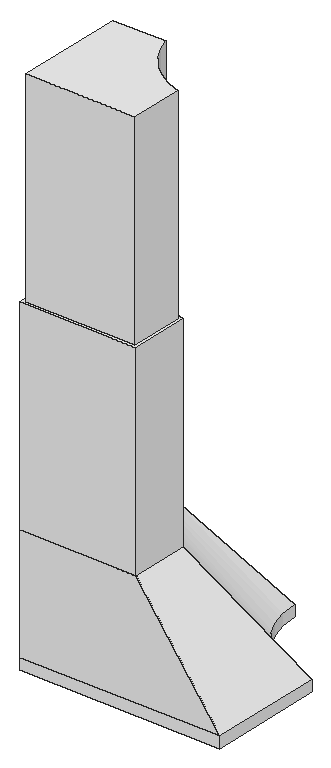
Revit family
Parameters (values of type "610 x 610mm")
  Material = Metal - Aluminium
  Manufacturer = "Revit"
  Ceiling Height [instance] = 2800 mm
  Assembly Code = "E1090400"
Reference planes
  plane 1: y = 0
  plane 2 "Center (Left/Right)": x = 125
  plane 3 "Back": y = 75
  plane 4: through (25, -25, 0) normal (0.7071, -0.7071, 0)
  plane 5: through (580.882, 580.882, 0) normal (0.7071, 0.7071, 0)
  plane 6: z = 1200
  plane 7: z = 1550
  plane 8: z = 2800
  plane 9: z = 2175
Forms (mm)
  Extrusion 1, solid, material "Metal - Aluminium" <- "Material"
    sketch origin (0, 0, 1200) x (0, 1, 0) y (1, 0, 0)
      loop
        line (686.764, 125) -> (686.764, 475)
        arc (686.764, 475) -> (501.669, 551.669) -> (425, 736.764) r 261.764
        line (425, 736.764) -> (75, 736.764) -> (75, 125) -> (686.764, 125)
    from 0 to 33
  Blend 2, solid, material "Metal - Aluminium" <- "Material"
    base sketch origin (0, 0, 1200) x (0, 1, 0) y (-1, 0, 0)
      loop
        line (686.764, -475) -> (686.764, -125) -> (75, -125) -> (75, -736.764) -> (425, -736.764)
        arc (425, -736.764) -> (501.669, -551.669) -> (686.764, -475) r 261.764
    top sketch origin (0, 0, 1200) x (0, 1, 0) y (-1, 0, 0)
      loop
        line (75, -125) -> (75, -478.553) -> (255, -478.553)
        arc (255, -478.553) -> (316.552, -366.552) -> (428.553, -305) r 228.922
        line (428.553, -305) -> (428.553, -125) -> (75, -125)
    from 0 to 350
  Extrusion 3, solid, material "Metal - Aluminium" <- "Material"
    sketch origin (0, 0, 1550) x (0, 1, 0) y (-1, 0, 0)
      loop
        line (428.553, -305) -> (428.553, -125) -> (75, -125) -> (75, -478.553) -> (255, -478.553)
        arc (255, -478.553) -> (316.552, -366.552) -> (428.553, -305) r 228.922
    from 0 to 625
  Extrusion 4, solid, material "Metal - Aluminium" <- "Material"
    sketch origin (0, 0, 2175) x (0, 1, 0) y (-1, 0, 0)
      loop
        line (418.553, -297.125) -> (418.553, -135) -> (85, -135) -> (85, -468.553) -> (247.125, -468.553)
        arc (247.125, -468.553) -> (309.48, -359.48) -> (418.553, -297.125) r 238.922
    from 0 to 625
Lines and regions (mm)
  symbolic lines
    curve 1: line (736.764, 75, 0) -> (736.764, 425, 0)
    curve 2: line (125, 686.764, 0) -> (475, 686.764, 0)
Text (mm)
  text "Placement side" at (-1864.261, 916.262, 0), in view "Ref. Level"
  text "Placement side" at (0, 1605.175, 2923.955), in view "Left"
  text "Placement side" at (0, 595.982, 3004.978), in view "Right"
Dimensions and locks
  locked: plane 3 "Back" to host wall at 0
  locked: Extrusion 1 to Extrusion 1 at 33
  locked: Extrusion 1 sketch curve to Extrusion 1 sketch curve at 611.764
  locked: Extrusion 1 sketch curve to Extrusion 1 sketch curve at 350
  locked: Extrusion 1 sketch curve to Extrusion 1 sketch curve at 370.19
  locked: Blend 2 sketch curve to Blend 2 sketch curve at 353.553  (x2)
  locked: Blend 2 sketch curve to Blend 2 sketch curve at 245.442
  "Ceiling Height": level to plane 8
  equal spacing: plane 7, plane 9, plane 8
  aligned and locked: plane 1 to host wall
  aligned and locked: plane 3 "Back" to Extrusion 1
  aligned and locked: Blend 2 sketch curve to Extrusion 1  (x5)
  aligned and locked: Blend 2 to plane 7
  aligned and locked: plane 6 to Blend 2
  aligned and locked: Extrusion 3 sketch curve to Blend 2  (x4)
  aligned and locked: Blend 2 to Extrusion 3 sketch curve
  aligned and locked: Extrusion 4 to plane 8
  aligned and locked: plane 9 to Extrusion 4
Automatic sketch dimensions
  curve 2 to plane 2 "Center (Left/Right)" = 0 mm
  curve 2 to plane 5 = 0 mm
  curve 1 to plane 5 = 0 mm
  curve 1 to host wall = 0 mm
  curve 2 to plane 4 = 185.095 mm
  plane 4 to curve 1 = 185.095 mm
  Extrusion 1 sketch curve to host wall = 0 mm
  Extrusion 1 sketch curve to plane 4 = 0 mm
  Extrusion 1 sketch curve to plane 2 "Center (Left/Right)" = 0 mm
  Blend 2 sketch curve to host wall = 0 mm
  Blend 2 sketch curve to plane 4 = 0 mm
  Blend 2 sketch curve to plane 2 "Center (Left/Right)" = 0 mm
  Blend 2 sketch curve to plane 5 = 109.543 mm
  Extrusion 4 sketch curve to plane 4 = 0 mm  (x2)
  host wall to Extrusion 4 sketch curve = 10 mm
  Extrusion 4 sketch curve to Extrusion 4 sketch curve = 162.125 mm
  Extrusion 4 sketch curve to plane 4 = 235.858 mm
  Extrusion 4 sketch curve to plane 5 = 109.543 mm
  plane 4 to Extrusion 4 sketch curve = 121.218 mm
